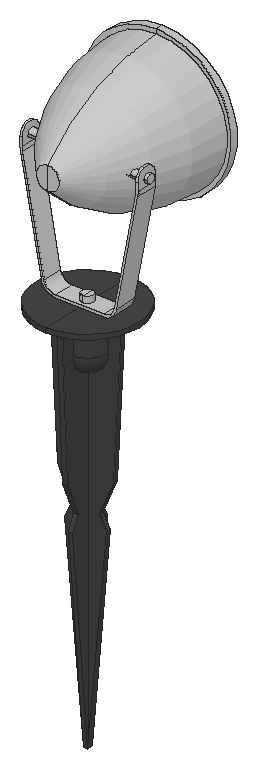
Revit family "GRIBLO LED SMD", category Lighting Fixtures, host Face, Revit 2015
Parameters (values of type "GRIBLO LED SMD-NW 18131 LED 4500K 35° 170lm aluminium szary")
  Średnica = 65 mm  # constant formula
  Wysokość = 263 mm  # constant formula
  Temperatura barwowa = "4500 K"
  Szerokość = 62 mm  # constant formula
  Strumień świetlny = "170 lm"
  Materiał obudowa część = KANLUX - obudowa - tworzwo sztuczne
  Materiał klosz = KANLUX - szkło
  Kąt rozsyłu = "35°"
  Kąt obrotu w pionie maksymalny [instance] = if(Kąt obrotu w pionie < 90.00°, if(Kąt obrotu w pionie > 0.00°, Kąt obrotu w pionie, 0.00°), 90.00°)  # 0.00°
  Kąt obrotu w pionie [instance] = 0.00°
  Kod = "18131"
  Keynote = ""
  Współczynnik mocy = 1
  URL = "www.kanlux.pl"
  Manufacturer = "KANLUX"  # constant formula
  Apparent Load = Moc oprawy / Współczynnik mocy  # 4 VA
  Model = "GRIBLO LED SMD-NW"
  Wattage Comments = "4"
  Moc oprawy = 4 W
  Materiał obudowa = KANLUX - obudowa - aluminium, szary
  Lamp = "LED"
  Klasyfikacja obciążenia = Oświetlenie
  IP = "IP65"  # constant formula
  Default Elevation = 0 mm
Reference planes
  plane 1 "Środek (Przód/Tył)": y = 0
  plane 2: z = 0
  plane 3 "Środek (Lewa/Prawa)": x = 0
  plane 4: x = -1
  plane 5: x = 1
  plane 6: y = 1
  plane 7: y = -1
  plane 8: y = -4.5
  plane 9: y = 4.5
  plane 10: x = -24.7
  plane 11: x = -25.7
  plane 12: x = 24.7
  plane 13: x = 25.7
  plane 14: z = 57.5
  plane 15: x = -27.45
  plane 16: x = 27.45
  plane 17: z = 3.5
  plane 18: z = 1
  plane 19: z = 0
  plane 20: z = -2
Forms (mm)
  Extrusion 1, solid, material "KANLUX - obudowa - aluminium, szary" <- "Materiał obudowa"
    sketch origin (0, 0, 115) x (0.939693, 0, 0.34202) y (-0.34202, 0, 0.939693)
      loop
        line (-42.877, -45.584) -> (-43.816, -45.242) -> (-44.997, -48.485)
        arc (-44.997, -48.485) -> (-45.307, -49.484) -> (-45.521, -50.507) r 11
        line (-45.521, -50.507) -> (-53.113, -97.87)
        arc (-53.113, -97.87) -> (-52.361, -101.86) -> (-49.241, -104.458) r 6
        line (-49.241, -104.458) -> (-29.424, -111.671)
        arc (-29.424, -111.671) -> (-25.363, -111.687) -> (-22.223, -109.114) r 6
        line (-22.223, -109.114) -> (2.406, -67.951)
        arc (2.406, -67.951) -> (2.9, -67.029) -> (3.304, -66.065) r 11
        line (3.304, -66.065) -> (4.484, -62.822) -> (3.544, -62.48) -> (2.364, -65.723)
        arc (2.364, -65.723) -> (1.997, -66.6) -> (1.548, -67.437) r 10
        line (1.548, -67.437) -> (-23.081, -108.6)
        arc (-23.081, -108.6) -> (-25.698, -110.745) -> (-29.082, -110.731) r 5
        line (-29.082, -110.731) -> (-48.899, -103.518)
        arc (-48.899, -103.518) -> (-51.499, -101.354) -> (-52.126, -98.029) r 5
        line (-52.126, -98.029) -> (-44.534, -50.665)
        arc (-44.534, -50.665) -> (-44.339, -49.735) -> (-44.057, -48.827) r 10
        line (-44.057, -48.827) -> (-42.877, -45.584)
    from -4.5 to 4.5
  Extrusion 2, solid, material "KANLUX - obudowa - aluminium, szary" <- "Materiał obudowa"
    sketch origin (0, 0, 0) x (0, 1, 0) y (0, 0, 1)
      loop
        circle (0, 57.5) r 1.75
    from -27.45 to 27.45
  Revolve 3, solid, material "KANLUX - obudowa - aluminium, szary" <- "Materiał obudowa"
    sketch origin (0, 0, 0) x (0, 1, 0) y (0, 0, 1)
      loop
        line (0, 1) -> (0, 3.5) -> (-2.5, 3.5) -> (-2.5, 1) -> (0, 1)
      axis (0, 3.5) -> (0, 1)
    angle from 0 to 360
  Revolve 4, solid, material "KANLUX - obudowa - tworzwo sztuczne" <- "Materiał obudowa część"
    sketch origin (0, 0, 0.91) x (0, 1, 0) y (0, 0, 1)
      loop
        line (-22.5, -0.91) -> (-22.5, -2.91) -> (0, -2.91) -> (0, -0.91) -> (-22.5, -0.91)
      axis (0, -0.91) -> (0, -2.91)
    angle from 0 to 360
  Extrusion 5, solid, material "KANLUX - obudowa - tworzwo sztuczne" <- "Materiał obudowa część"
    sketch origin (0, 0, 0) x (0, 1, 0) y (0, 0, 1)
      loop
        line (-15.5, -2) -> (-12, -66) -> (-6, -80) -> (-9, -86) -> (-1, -173) -> (1, -173) -> (9, -86) -> (6, -80) -> (12, -66) -> (15.5, -2) -> (-15.5, -2)
    from -1 to 1
  Extrusion 6, solid, material "KANLUX - obudowa - tworzwo sztuczne" <- "Materiał obudowa część"
    sketch origin (0, 0, 113) x (0.939693, 0, 0.34202) y (-0.34202, 0, 0.939693)
      loop
        line (-24.767, -113.366) -> (-53.898, -102.763) -> (-72.498, -164.101) -> (-71.648, -179.309) -> (-76.519, -183.921) -> (-98.757, -268.41) -> (-96.878, -269.094) -> (-59.605, -190.077) -> (-60.372, -183.413) -> (-49.945, -172.309) -> (-24.767, -113.366)
    from -1 to 1
  Revolve 7, solid, material "KANLUX - obudowa - tworzwo sztuczne" <- "Materiał obudowa część"
    sketch origin (0, 0, -2) x (0, 1, 0) y (0, 0, 1)
      loop
        arc (-9.5, -14.5) -> (-6.718, -21.218) -> (0, -24) r 9.5
        line (0, -24) -> (0, 0) -> (-9.5, 0) -> (-9.5, -14.5)
      axis (0, 0) -> (0, -24)
    angle from 0 to 360
  Extrusion 8, solid, material "KANLUX - obudowa - aluminium, szary" <- "Materiał obudowa"
    sketch origin (0, 0, -2) x (0, 1, 0) y (0, 0, 1)
      loop
        arc (4.5, 59.5) -> (0, 64) -> (-4.5, 59.5) r 4.5
        line (-4.5, 59.5) -> (4.5, 59.5)
    from 24.7 to 25.7
  Extrusion 9, solid, material "KANLUX - obudowa - aluminium, szary" <- "Materiał obudowa"
    sketch origin (0, 0, -2) x (0, 1, 0) y (0, 0, 1)
      loop
        arc (4.5, 59.5) -> (0, 64) -> (-4.5, 59.5) r 4.5
        line (-4.5, 59.5) -> (4.5, 59.5)
    from -25.7 to -24.7
  Revolve 10, void
    sketch origin (0, 0, 0.91) x (0, 1, 0) y (0, 0, 1)
      loop
        line (-22.5, -0.91) -> (-22.5, -2.91) -> (0, -2.91) -> (0, -0.91) -> (-22.5, -0.91)
      axis (0, -0.91) -> (0, -2.91)
    angle from 0 to 360
Cuts and joins
  joined: Extrusion 1, Extrusion 2, Extrusion 8, Extrusion 9
Lines and regions (mm)
  reference lines
    curve 1: line (0, 0, 57.5) -> (0, 1460, 57.5)
Dimensions and locks
  equal spacing: plane 5, plane 3 "Środek (Lewa/Prawa)", plane 4
  locked: plane 5 to plane 4 at 2
  equal spacing: plane 6, plane 1 "Środek (Przód/Tył)", plane 7
  locked: plane 6 to plane 7 at 2
  equal spacing: plane 9, plane 1 "Środek (Przód/Tył)", plane 8
  locked: plane 9 to plane 8 at 9
  equal spacing: plane 13, plane 3 "Środek (Lewa/Prawa)", plane 11
  locked: plane 13 to plane 11 at 51.4
  locked: plane 10 to plane 11 at 1
  locked: plane 12 to plane 13 at 1
  locked: plane 14 to plane 2 at 57.5
  locked: plane 18 to plane 19 at 1
  locked: plane 17 to plane 18 at 2.5
  "Wysokość": Extrusion 6 to nested 1
  locked: plane 20 to host face at 2
  "Kąt obrotu w pionie maksymalny": angle curve 1 to plane 14
  aligned and locked: plane 2 to host face
  aligned and locked: level to host face
  aligned and locked: plane 14 to curve 1
  aligned and locked: plane 1 "Środek (Przód/Tył)" to curve 1
  aligned and locked: nested 1 to curve 1  (x2)
  aligned and locked: Revolve 3 sketch curve to plane 1 "Środek (Przód/Tył)"  (x2)
  aligned and locked: Revolve 3 sketch curve to plane 17
  aligned and locked: Revolve 3 sketch curve to plane 18
  aligned and locked: plane 20 to Revolve 4
  aligned and locked: Revolve 4 to plane 19
  aligned and locked: host face to Revolve 4 sketch curve
  aligned and locked: plane 20 to Revolve 4 sketch curve
  aligned and locked: host face to Revolve 10 sketch curve
  aligned and locked: plane 20 to Revolve 10 sketch curve
Automatic sketch dimensions
  host sketch curve to host sketch curve = 2438.4 mm  (x2)
  Extrusion 1 sketch curve to Extrusion 1 sketch curve = 0 mm  (x8)
  Extrusion 1 sketch curve to level = 0 mm  (x2)
  Extrusion 1 sketch curve to plane 18 = 0 mm  (x2)
  Extrusion 1 sketch curve to plane 11 = 0 mm  (x2)
  Extrusion 1 sketch curve to plane 10 = 0 mm
  Extrusion 1 sketch curve to plane 14 = 0 mm  (x2)
  plane 12 to Extrusion 1 sketch curve = 0 mm  (x2)
  plane 13 to Extrusion 1 sketch curve = 0 mm
  Extrusion 1 sketch curve to Extrusion 1 sketch curve = 1.18 mm
  Extrusion 1 sketch curve to Extrusion 1 sketch curve = 0.477 mm
  Extrusion 1 sketch curve to Extrusion 1 sketch curve = 0.94 mm  (x2)
  Extrusion 1 sketch curve to Extrusion 1 sketch curve = 0.987 mm  (x2)
  Extrusion 1 sketch curve to Extrusion 1 sketch curve = 2.655 mm
  Extrusion 1 sketch curve to Extrusion 1 sketch curve = 1.71 mm  (x2)
  Extrusion 1 sketch curve to Extrusion 1 sketch curve = 0.342 mm  (x2)
  Extrusion 1 sketch curve to Extrusion 1 sketch curve = 4.937 mm
  Extrusion 1 sketch curve to Extrusion 1 sketch curve = 9.397 mm
  Extrusion 1 sketch curve to Extrusion 1 sketch curve = 19.817 mm
  Extrusion 1 sketch curve to Extrusion 1 sketch curve = 4.291 mm
  Extrusion 1 sketch curve to Extrusion 1 sketch curve = 0.858 mm  (x2)
  Extrusion 1 sketch curve to Extrusion 1 sketch curve = 10.577 mm
  Extrusion 1 sketch curve to Extrusion 1 sketch curve = 1.996 mm
  Extrusion 1 sketch curve to Extrusion 1 sketch curve = 0.816 mm
  Extrusion 1 sketch curve to Extrusion 1 sketch curve = 1.618 mm
  Extrusion 1 sketch curve to Extrusion 1 sketch curve = 4.698 mm
  Extrusion 1 sketch curve to Extrusion 1 sketch curve = 1.886 mm
  Extrusion 1 sketch curve to Extrusion 1 sketch curve = 3.42 mm
  Extrusion 2 sketch curve to plane 1 "Środek (Przód/Tył)" = 0 mm
  Extrusion 2 sketch curve to plane 14 = 0 mm
  Revolve 3 sketch curve to plane 7 = 1.5 mm
  plane 20 to Revolve 3 sketch curve = 607.6 mm
  plane 14 to Revolve 3 sketch curve = 2284.307 mm
  Revolve 4 sketch curve to plane 1 "Środek (Przód/Tył)" = 0 mm  (x2)
  Revolve 4 sketch curve to plane 8 = 18 mm
  Revolve 4 sketch curve to Revolve 4 sketch curve = 606.69 mm
  plane 14 to Revolve 4 sketch curve = 2287.217 mm
  plane 20 to Extrusion 5 sketch curve = 0 mm
  Extrusion 5 sketch curve to plane 7 = 0 mm
  Extrusion 5 sketch curve to plane 6 = 0 mm
  Extrusion 5 sketch curve to plane 8 = 1.5 mm
  Extrusion 5 sketch curve to plane 8 = 4.5 mm
  Extrusion 5 sketch curve to plane 8 = 7.5 mm
  Extrusion 5 sketch curve to plane 8 = 11 mm
  Extrusion 5 sketch curve to plane 9 = 1.5 mm
  Extrusion 5 sketch curve to plane 9 = 4.5 mm
  Extrusion 5 sketch curve to plane 9 = 7.5 mm
  Extrusion 5 sketch curve to plane 9 = 11 mm
  plane 20 to Extrusion 5 sketch curve = 64 mm
  Extrusion 5 sketch curve to Extrusion 5 sketch curve = 0 mm  (x2)
  Extrusion 5 sketch curve to Extrusion 5 sketch curve = 14 mm
  Extrusion 5 sketch curve to Extrusion 5 sketch curve = 6 mm  (x2)
  Extrusion 5 sketch curve to Extrusion 5 sketch curve = 87 mm
  Extrusion 6 sketch curve to plane 4 = 0 mm
  plane 5 to Extrusion 6 sketch curve = 0 mm
  Extrusion 6 sketch curve to plane 20 = 0 mm  (x2)
  plane 20 to Extrusion 6 sketch curve = 171 mm
  Extrusion 6 sketch curve to Extrusion 6 sketch curve = 1.879 mm
  Extrusion 6 sketch curve to Extrusion 6 sketch curve = 22.238 mm
  Extrusion 6 sketch curve to Extrusion 6 sketch curve = 4.021 mm
  Extrusion 6 sketch curve to Extrusion 6 sketch curve = 4.871 mm
  Extrusion 6 sketch curve to Extrusion 6 sketch curve = 11.276 mm
  Extrusion 6 sketch curve to Extrusion 6 sketch curve = 0.767 mm
  Extrusion 6 sketch curve to Extrusion 6 sketch curve = 18.6 mm
  Extrusion 6 sketch curve to Extrusion 6 sketch curve = 10.426 mm
  Extrusion 6 sketch curve to Extrusion 6 sketch curve = 29.13 mm
  Extrusion 6 sketch curve to Extrusion 6 sketch curve = 76.711 mm
  Extrusion 6 sketch curve to Extrusion 6 sketch curve = 6.156 mm
  Extrusion 6 sketch curve to Extrusion 6 sketch curve = 6.664 mm
  Extrusion 6 sketch curve to Extrusion 6 sketch curve = 4.612 mm
  Extrusion 6 sketch curve to Extrusion 6 sketch curve = 11.104 mm
  Extrusion 6 sketch curve to Extrusion 6 sketch curve = 15.208 mm
  plane 20 to Revolve 7 sketch curve = 0 mm
  Revolve 7 sketch curve to plane 1 "Środek (Przód/Tył)" = 0 mm  (x2)
  Revolve 7 sketch curve to plane 8 = 5 mm
  Revolve 7 sketch curve to Revolve 7 sketch curve = 14.5 mm
  Revolve 7 sketch curve to Revolve 7 sketch curve = 585.6 mm
  plane 14 to Revolve 7 sketch curve = 2282.307 mm
  Extrusion 8 sketch curve to plane 8 = 0 mm
  Extrusion 8 sketch curve to plane 1 "Środek (Przód/Tył)" = 0 mm
  Extrusion 8 sketch curve to plane 14 = 0 mm
  Extrusion 9 sketch curve to plane 8 = 0 mm
  Extrusion 9 sketch curve to plane 1 "Środek (Przód/Tył)" = 0 mm
  Extrusion 9 sketch curve to plane 14 = 0 mm
  Revolve 10 sketch curve to plane 1 "Środek (Przód/Tył)" = 0 mm  (x2)
  Revolve 10 sketch curve to plane 8 = 18 mm
  Revolve 10 sketch curve to Revolve 10 sketch curve = 606.69 mm
  plane 14 to Revolve 10 sketch curve = 2287.217 mm
  radius of Extrusion 2 sketch curve = 1.75 mm
Nested families
  nested 1: "GRIBLO LED SMD-NW źródło światła" at (0, 0, 57.5) x (-1, 0, 0) z (0, 1, 0), type "GRIBLO LED SMD-NW źródło światła"
Connectors
  electrical at (0, 0, 0), driven by "Apparent Load", driven by "Współczynnik mocy", driven by "Klasyfikacja obciążenia"
    settings: on host face, index 1, voltage 230 V, apparent load 4 VA, apparent load phase1 0 VA, apparent load phase2 0 VA, apparent load phase3 0 VA, power factor 1, load classification "Oświetlenie", number of poles 1, system type 30, power factor state 1, is connector primary yes, connector utility no, sub classification motor no, connector description ""
Definition of nested family "GRIBLO LED SMD-NW źródło światła"
  Parameters (values of type "GRIBLO LED SMD-NW źródło światła 18131 LED 4500K 35° 170lm")
    Wattage Comments = "4"
    Wattage = 4 W
    built-in parameter 1150110 = 1 (stored number, unit not read)
    built-in parameter 1114217 = 1 (stored number, unit not read)
    Tilt Angle = 90.00°
    built-in parameter 1150109 = 1 (stored number, unit not read)
    built-in parameter 1150134 = (empty or 0)
    Temperatura barwowa = "4500 K"
    built-in parameter 1150113 = 1 (stored number, unit not read)
    Strumień świetlny = "170lm"
    Photometric Web File = "generic"
    built-in parameter 1150142 = (empty or 0)
    Materiał obudowa = none
    Materiał klosz = none
    Lumens = 170 lm
    built-in parameter 1150115 = 1 (stored number, unit not read)
    built-in parameter 1150105 = 13.528 (stored number, unit not read)
    built-in parameter 1150137 = (empty or 0)
    built-in parameter 1150139 = (empty or 0)
    built-in parameter 1150112 = 1 (stored number, unit not read)
    built-in parameter 1150114 = 1 (stored number, unit not read)
    Lamp = "LED"
    Kąt rozsyłu = "35°"
    built-in parameter 1150132 = (empty or 0)
    built-in parameter 1150102 = (empty or 0)
    built-in parameter 1150138 = (empty or 0)
    built-in parameter 1150107 = 4500 (stored number, unit not read)
    built-in parameter 1150106 = 0.13528 (stored number, unit not read)
    built-in parameter 1150104 = 3.9484 (stored number, unit not read)
    Dimming Lamp Color Temperature Shift = (empty or 0)
    Default Elevation = 0 mm
    Color Filter = 16777215
    built-in parameter 1114218 = 1 (stored number, unit not read)
    built-in parameter 1150133 = 10 (stored number, unit not read)
    Apparent Load = 4 VA
  Reference planes
    plane 1 "Light Source Axis (F/B)": y = 0
    plane 2: z = 0
    plane 3 "Light Source Axis (L/R)": x = 0
    plane 4 "Light Source Elevation": z = 40.5
    plane 5: x = -94.5
    plane 6: x = 94.5
  Forms (mm)
    Revolve 1, solid, material <- "Materiał obudowa"
      sketch origin (0, 0, 40.5) x (0, 1, 0) y (0, 0, 1)
        loop
          line (-5, -62) -> (0, -62) -> (0, 0) -> (-32.5, 0) -> (-32.5, -3) -> (-30.5, -3)
          arc (-30.5, -3) -> (-23.887, -35.153) -> (-5, -62) r 80.579
        axis (0, 0) -> (0, -62)
      angle from 0 to 360
    Revolve 2, void
      sketch origin (0, 0, 40.5) x (0, 1, 0) y (0, 0, 1)
        loop
          line (-16, -4) -> (0, -4) -> (0, 0) -> (-19, 0) -> (-16, -1) -> (-16, -4)
        axis (0, 0) -> (0, -4)
      angle from 0 to 360
    Revolve 3, solid, material <- "Materiał klosz"
      sketch origin (0, 0, 40.5) x (0, 1, 0) y (0, 0, 1)
        loop
          line (0, -1) -> (-16, -1) -> (-16, -4) -> (0, -4) -> (0, -1)
        axis (0, -1) -> (0, -4)
      angle from 0 to 360
  Cuts and joins
    Revolve 2 cuts Revolve 1
  Dimensions and locks
    locked: level to plane 4 "Light Source Elevation" at 40.5
    aligned and locked: plane 3 "Light Source Axis (L/R)" to imposter light
    aligned and locked: plane 1 "Light Source Axis (F/B)" to imposter light
    aligned and locked: plane 4 "Light Source Elevation" to imposter light
    aligned and locked: level to plane 2
    aligned and locked: Revolve 1 sketch curve to plane 1 "Light Source Axis (F/B)"
    aligned and locked: plane 1 "Light Source Axis (F/B)" to Revolve 1 sketch curve
    aligned and locked: Revolve 2 sketch curve to plane 1 "Light Source Axis (F/B)"  (x2)
    aligned and locked: plane 1 "Light Source Axis (F/B)" to Revolve 3 sketch curve
    aligned and locked: Revolve 3 sketch curve to plane 1 "Light Source Axis (F/B)"
